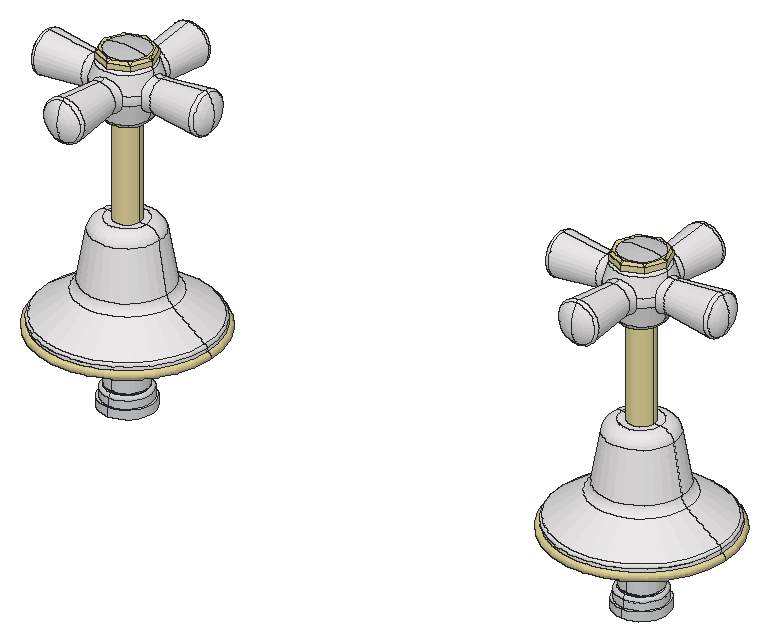
Revit family "Reece_Tap_Posh_Bristol_Wall Top Assembly", category Plumbing Fixtures, host Face, Revit 2018
Family settings
  Host = Face
  Round Connector Dimension = Use Diameter
  Part Type = Normal
  Cut with Voids When Loaded = No
  Shared = Yes
  Room Calculation Point = Yes
Parameters (values of type "White_Gold")
  WFU = 0  # constant formula
  URL = "https://www.reece.com.au/product/-2205252"
  Type Comments = "Tap"
  Reece_Tap_Inlet = 12 mm  # constant formula
  Reece_Tap_Axis Distance [instance] = 200 mm
  Reece_Product_Web Page = "https://www.reece.com.au/product/-2205252"
  Reece_Product_Type = "Tap"  # constant formula
  Reece_Product_Sub Brand = "Bristol"  # constant formula
  Reece_Product_Number = "2205252"
  Reece_Product_Mount = "Wall Mounted"
  Reece_Product_Description = "Posh Bristol Wall Top Assembly Taps White / Gold"
  Reece_Product_Brand = "Posh"  # constant formula
  Reece_Material_Secondary = Reece_Metal_Gold_Polished
  Reece_Material_Main = Reece_Ceramic_White
  Reece_Material_Colour = Reece_Plastic_White
  Reece_Handle_Type = Reece_Tap_Posh_Bristol_Wall_Cross Handle_Nested : Reece_Tap_Posh_Bristol_Wall_Cross Handle_Nested
  Reece_Detail_Shape = ""
  Reece_Detail_Installation = ""
  Reece_Detail_Disclaimer = "THIS FILE IS THE PROPERTY OF THE REECE GROUP. IT MAY NOT BE REPRODUCED, REVERSE-ENGINEERED OR MODIFIED. ANY REPUBLICATION, TRANSMISSION OR DISTRIBUTION FOR THE PURPOSE OF COMMERCIALLY EXPLOITING THE FILES IS PROHIBITED."  # constant formula
  Reece_Detail_Connector = ""
  Reece_Detail_Additional = "Wall Top Assembly"  # constant formula
  Reece_Backplate_Diameter = 65 mm  # constant formula
  Model = "Bristol"
  Manufacturer = "Posh"
  Keynote = "Product #2205252, Reece_Tap_Posh_Bristol_Wall Top Assembly - White_Gold"
  HWFU = 0  # constant formula
  Disclaimer = "THIS FILE IS THE PROPERTY OF THE REECE GROUP. IT MAY NOT BE REPRODUCED, REVERSE-ENGINEERED OR MODIFIED. ANY REPUBLICATION, TRANSMISSION OR DISTRIBUTION FOR THE PURPOSE OF COMMERCIALLY EXPLOITING THE FILES IS PROHIBITED."  # constant formula
  Description = "Posh Bristol Wall Top Assembly Taps White / Gold"
  Default Elevation = 1000 mm
  CWFU = 0  # constant formula
Types (7, lengths in mm): name | URL | Reece_Product_Web Page | Reece_Product_Number | Reece_Product_Description | Reece_Material_Secondary | Reece_Material_Main | Reece_Handle_Type | Keynote | Description
  Ivory_Gold | "https://www.reece.com.au/product/-2205254" | "https://www.reece.com.au/product/-2205254" | "2205254" | "Posh Bristol Wall Top Assembly Taps Ivory/ Gold" | Reece_Metal_Gold_Polished | Reece_Metal_Steel Enamelled_Ivory | Reece_Tap_Posh_Bristol_Wall_Cross Handle_Nested : Reece_Tap_Posh_Bristol_Wall_Cross Handle_Nested | "Product #2205254, Reece_Tap_Posh_Bristol_Wall Top Assembly - Ivory_Gold" | "Posh Bristol Wall Top Assembly Taps Ivory / Gold"
  Ivory_Chrome | "https://www.reece.com.au/product/-2205253" | "https://www.reece.com.au/product/-2205253" | "2205253" | "Posh Bristol Wall Top Assembly Taps Ivory/Chrome" | Reece_Brass_Chrome | Reece_Metal_Steel Enamelled_Ivory | Reece_Tap_Posh_Bristol_Wall_Cross Handle_Nested : Reece_Tap_Posh_Bristol_Wall_Cross Handle_Nested | "Product #2205253, Reece_Tap_Posh_Bristol_Wall Top Assembly - Ivory_Chrome" | "Posh Bristol Wall Top Assembly Taps Ivory / Chrome"
  Chrome_Gold | "https://www.reece.com.au/product/-2205255" | "https://www.reece.com.au/product/-2205255" | "2205255" | "Posh Bristol Wall Top Assembly Taps Chrome / Gold" | Reece_Metal_Gold_Polished | Reece_Brass_Chrome | Reece_Tap_Posh_Bristol_Wall_Cross Handle_Nested : Reece_Tap_Posh_Bristol_Wall_Cross Handle_Nested | "Product #2205255, Reece_Tap_Posh_Bristol_Wall Top Assembly - Chrome_Gold" | "Posh Bristol Wall Top Assembly Taps Chrome / Gold"
  Chrome | "https://www.reece.com.au/product/-2205250" | "https://www.reece.com.au/product/-2205250" | "2205250" | "Posh Bristol Wall Top Assembly Taps Chrome" | Reece_Brass_Chrome | Reece_Brass_Chrome | Reece_Tap_Posh_Bristol_Wall_Cross Handle_Nested : Reece_Tap_Posh_Bristol_Wall_Cross Handle_Nested | "Product #2205250, Reece_Tap_Posh_Bristol_Wall Top Assembly - Chrome" | "Posh Bristol Wall Top Assembly Taps Chrome"
  White_Gold | "https://www.reece.com.au/product/-2205252" | "https://www.reece.com.au/product/-2205252" | "2205252" | "Posh Bristol Wall Top Assembly Taps White / Gold" | Reece_Metal_Gold_Polished | Reece_Ceramic_White | Reece_Tap_Posh_Bristol_Wall_Cross Handle_Nested : Reece_Tap_Posh_Bristol_Wall_Cross Handle_Nested | "Product #2205252, Reece_Tap_Posh_Bristol_Wall Top Assembly - White_Gold" | "Posh Bristol Wall Top Assembly Taps White / Gold"
  White_Chrome | "https://www.reece.com.au/product/-2205251" | "https://www.reece.com.au/product/-2205251" | "2205251" | "Posh Bristol Wall Top Assembly Taps White / Chrome" | Reece_Brass_Chrome | Reece_Ceramic_White | Reece_Tap_Posh_Bristol_Wall_Cross Handle_Nested : Reece_Tap_Posh_Bristol_Wall_Cross Handle_Nested | "Product #2205251, Reece_Tap_Posh_Bristol_Wall Top Assembly - White_Chrome" | "Posh Bristol Wall Top Assembly Taps White / Chrome"
  Lever Handle_Chrome | "https://www.reece.com.au/product/-2205404" | "https://www.reece.com.au/product/-2205404" | "2205404" | "Posh Bristol Lever Wall Top Assembly Ceramic Disc Chrome" | Reece_Brass_Chrome | Reece_Brass_Chrome | Reece_Tap_Posh_Bristol_Wall_Lever Handle_Nested : Reece_Tap_Posh_Bristol_Wall_Lever Handle_Nested | "Product #2205404, Reece_Tap_Posh_Bristol_Wall Top Assembly - Lever Handle_Chrome" | "Posh Bristol Lever Wall Top Assembly Ceramic Disc Chrome"
Reference planes
  plane 1 "Center (Front/Back)": y = 0
  plane 2 "Bottom": z = 0
  plane 3 "Center (Left/Right)": x = 0
  plane 4 "Left Mixer": x = -100
  plane 5 "Right Mixer": x = 100
  plane 6: y = 32.5
  plane 7: y = -32.5
  plane 8: z = 39
  plane 9: x = -132.5
  plane 10: x = -67.5
  plane 11: x = 132.5
  plane 12: x = 67.5
Forms (mm)
  Revolve 1, solid
    sketch origin (-100, -128.901, 1219.2) x (0, -1, 0) y (0, 0, 1)
      loop
        line (-130.291, -1249.229) -> (-128.901, -1249.229) -> (-128.901, -1219.2) -> (-140.374, -1219.2) -> (-140.374, -1222.813) -> (-139.398, -1223.187) -> (-139.398, -1223.987) -> (-140.37, -1224.549) -> (-139.398, -1225.023) -> (-139.398, -1225.823) -> (-140.359, -1226.378) -> (-139.398, -1226.846) -> (-139.398, -1227.646) -> (-140.366, -1228.205) -> (-139.398, -1228.616) -> (-139.398, -1229.416) -> (-140.275, -1229.923) -> (-139.166, -1231.032) -> (-136.181, -1231.032) -> (-136.181, -1237.729) -> (-135.615, -1238.294) -> (-136.415, -1238.294)
        arc (-136.415, -1238.294) -> (-137.255, -1238.642) -> (-137.603, -1239.482) r 1.188
        line (-137.603, -1239.482) -> (-137.603, -1242.245) -> (-138.403, -1242.245) -> (-138.403, -1245.49) -> (-132.464, -1245.49) -> (-130.291, -1249.229)
      axis (-128.901, -1219.2) -> (-128.901, -1249.229)
    angle from 0 to 360
  Revolve 2, void
    sketch origin (0, 0, 0) x (1, 0, 0) y (0, 0, 1)
      loop
        line (-100, -37.024) -> (-100, 0) -> (-115.541, 0) -> (-115.541, -37.024) -> (-100, -37.024)
      axis (-100, 0) -> (-100, -37.024)
    angle from 0 to 360
  Revolve 3, void
    sketch origin (0, 0, 0) x (-1, 0, 0) y (0, 0, 1)
      loop
        line (-100, -37.024) -> (-100, 0) -> (-115.541, 0) -> (-115.541, -37.024) -> (-100, -37.024)
      axis (-100, 0) -> (-100, -37.024)
    angle from 0 to 360
  Revolve 4, solid
    sketch origin (100, -134.759, 1219.2) x (0, -1, 0) y (0, 0, 1)
      loop
        line (-136.149, -1249.229) -> (-134.759, -1249.229) -> (-134.759, -1219.2) -> (-146.232, -1219.2) -> (-146.232, -1222.813) -> (-145.256, -1223.187) -> (-145.256, -1223.987) -> (-146.228, -1224.549) -> (-145.256, -1225.023) -> (-145.256, -1225.823) -> (-146.216, -1226.378) -> (-145.256, -1226.846) -> (-145.256, -1227.646) -> (-146.223, -1228.205) -> (-145.256, -1228.616) -> (-145.256, -1229.416) -> (-146.133, -1229.923) -> (-145.024, -1231.032) -> (-142.038, -1231.032) -> (-142.038, -1237.729) -> (-141.473, -1238.294) -> (-142.273, -1238.294)
        arc (-142.273, -1238.294) -> (-143.113, -1238.642) -> (-143.461, -1239.482) r 1.188
        line (-143.461, -1239.482) -> (-143.461, -1242.245) -> (-144.261, -1242.245) -> (-144.261, -1245.49) -> (-138.322, -1245.49) -> (-136.149, -1249.229)
      axis (-134.759, -1219.2) -> (-134.759, -1249.229)
    angle from 0 to 360
Text (mm)
  text "Reece Copyright © 2022, Reece Ltd." at (174.886, -193.79, 0), in view "Ref. Level"
  text "Reece ©" at (117.56, 185.774, 45.992), in view "Reece Preview"
Dimensions and locks
  equal spacing: plane 4 "Left Mixer", plane 3 "Center (Left/Right)", plane 5 "Right Mixer"  (x2)
  plane 4 "Left Mixer" to plane 5 "Right Mixer" = 200 mm
  plane 5 "Right Mixer" to plane 4 "Left Mixer" = 200 mm
  equal spacing: plane 5 "Right Mixer", plane 3 "Center (Left/Right)", plane 4 "Left Mixer"
  "Reece_Tap_Axis Distance": plane 4 "Left Mixer" to plane 5 "Right Mixer"
  plane 8 to plane 2 "Bottom" = 39 mm
  plane 9 to plane 10 = 65 mm
  plane 12 to plane 11 = 65 mm
  equal spacing: plane 9, plane 4 "Left Mixer", plane 10
  equal spacing: plane 12, plane 5 "Right Mixer", plane 11
  "Reece_Backplate_Diameter": plane 9 to plane 10
  "Reece_Backplate_Diameter": plane 12 to plane 11
  aligned and locked: plane 2 "Bottom" to host face
  aligned and locked: level to host face
  aligned and locked: Revolve 1 sketch curve to plane 1 "Center (Front/Back)"
Automatic sketch dimensions
  host sketch curve to host sketch curve = 380.785 mm
  host sketch curve to host sketch curve = 317.421 mm
  Revolve 1 sketch curve to level = 0 mm
  Revolve 1 sketch curve to plane 1 "Center (Front/Back)" = 0 mm
  Revolve 1 sketch curve to Revolve 1 sketch curve = 1.39 mm
  Revolve 1 sketch curve to plane 1 "Center (Front/Back)" = 3.563 mm
  Revolve 1 sketch curve to plane 1 "Center (Front/Back)" = 6.714 mm
  Revolve 1 sketch curve to plane 1 "Center (Front/Back)" = 7.28 mm
  Revolve 1 sketch curve to Revolve 1 sketch curve = 0.8 mm  (x6)
  Revolve 1 sketch curve to Revolve 1 sketch curve = 1.188 mm
  Revolve 1 sketch curve to Revolve 1 sketch curve = 2.986 mm
  Revolve 1 sketch curve to Revolve 1 sketch curve = 0.231 mm  (x2)
  Revolve 1 sketch curve to Revolve 1 sketch curve = 0 mm  (x2)
  Revolve 1 sketch curve to level = 3.987 mm
  Revolve 1 sketch curve to Revolve 1 sketch curve = 0.878 mm
  Revolve 1 sketch curve to Revolve 1 sketch curve = 0.961 mm
  Revolve 1 sketch curve to Revolve 1 sketch curve = 0.968 mm
  Revolve 1 sketch curve to level = 5.349 mm
  Revolve 1 sketch curve to Revolve 1 sketch curve = 0.972 mm
  Revolve 1 sketch curve to level = 3.612 mm
  Revolve 1 sketch curve to Revolve 1 sketch curve = 0.977 mm
  Revolve 1 sketch curve to Revolve 1 sketch curve = 0.474 mm
  Revolve 1 sketch curve to Revolve 1 sketch curve = 0.555 mm
  Revolve 1 sketch curve to Revolve 1 sketch curve = 1.023 mm
  Revolve 1 sketch curve to Revolve 1 sketch curve = 0.559 mm
  Revolve 1 sketch curve to Revolve 1 sketch curve = 0.97 mm
  Revolve 1 sketch curve to Revolve 1 sketch curve = 0.507 mm
  Revolve 1 sketch curve to Revolve 1 sketch curve = 1.615 mm
  Revolve 1 sketch curve to Revolve 1 sketch curve = 6.697 mm
  Revolve 1 sketch curve to Revolve 1 sketch curve = 0.566 mm
  Revolve 1 sketch curve to Revolve 1 sketch curve = 2.762 mm
  Revolve 1 sketch curve to Revolve 1 sketch curve = 3.246 mm
  Revolve 1 sketch curve to Revolve 1 sketch curve = 3.739 mm
  Revolve 1 sketch curve to Revolve 1 sketch curve = 7.488 mm
  Revolve 1 sketch curve to Revolve 1 sketch curve = 8.93 mm
  Revolve 2 sketch curve to level = 0 mm
  plane 4 "Left Mixer" to Revolve 2 sketch curve = 0 mm  (x2)
  Revolve 2 sketch curve to Revolve 2 sketch curve = 15.541 mm
  Revolve 2 sketch curve to level = 37.024 mm
  Revolve 2 sketch curve to Revolve 2 sketch curve = 29.166 mm
  Revolve 2 sketch curve to Revolve 2 sketch curve = 18.517 mm
  Revolve 3 sketch curve to level = 0 mm
  Revolve 3 sketch curve to plane 5 "Right Mixer" = 0 mm  (x2)
  Revolve 3 sketch curve to Revolve 3 sketch curve = 15.541 mm
  level to Revolve 3 sketch curve = 37.024 mm
  Revolve 3 sketch curve to Revolve 3 sketch curve = 29.166 mm
  Revolve 3 sketch curve to Revolve 3 sketch curve = 18.517 mm
  level to Revolve 4 sketch curve = 0 mm
  Revolve 4 sketch curve to plane 1 "Center (Front/Back)" = 0 mm  (x2)
  Revolve 4 sketch curve to Revolve 4 sketch curve = 1.39 mm
  plane 1 "Center (Front/Back)" to Revolve 4 sketch curve = 3.563 mm
  plane 1 "Center (Front/Back)" to Revolve 4 sketch curve = 6.714 mm
  plane 1 "Center (Front/Back)" to Revolve 4 sketch curve = 7.28 mm
  Revolve 4 sketch curve to Revolve 4 sketch curve = 0.8 mm  (x6)
  Revolve 4 sketch curve to Revolve 4 sketch curve = 1.188 mm
  Revolve 4 sketch curve to Revolve 4 sketch curve = 2.986 mm
  Revolve 4 sketch curve to Revolve 4 sketch curve = 0.231 mm  (x2)
  Revolve 4 sketch curve to Revolve 4 sketch curve = 0 mm  (x2)
  level to Revolve 4 sketch curve = 3.987 mm
  Revolve 4 sketch curve to Revolve 4 sketch curve = 0.878 mm
  Revolve 4 sketch curve to Revolve 4 sketch curve = 0.961 mm
  Revolve 4 sketch curve to Revolve 4 sketch curve = 0.968 mm
  level to Revolve 4 sketch curve = 5.349 mm
  Revolve 4 sketch curve to Revolve 4 sketch curve = 0.972 mm
  level to Revolve 4 sketch curve = 3.612 mm
  Revolve 4 sketch curve to Revolve 4 sketch curve = 0.977 mm
  Revolve 4 sketch curve to Revolve 4 sketch curve = 0.474 mm
  Revolve 4 sketch curve to Revolve 4 sketch curve = 0.555 mm
  Revolve 4 sketch curve to Revolve 4 sketch curve = 1.023 mm
  Revolve 4 sketch curve to Revolve 4 sketch curve = 0.559 mm
  Revolve 4 sketch curve to Revolve 4 sketch curve = 0.97 mm
  Revolve 4 sketch curve to Revolve 4 sketch curve = 0.507 mm
  Revolve 4 sketch curve to Revolve 4 sketch curve = 1.615 mm
  Revolve 4 sketch curve to Revolve 4 sketch curve = 6.697 mm
  Revolve 4 sketch curve to Revolve 4 sketch curve = 0.566 mm
  Revolve 4 sketch curve to Revolve 4 sketch curve = 2.762 mm
  Revolve 4 sketch curve to Revolve 4 sketch curve = 3.246 mm
  Revolve 4 sketch curve to Revolve 4 sketch curve = 3.739 mm
  Revolve 4 sketch curve to Revolve 4 sketch curve = 7.488 mm
  Revolve 4 sketch curve to Revolve 4 sketch curve = 8.93 mm
Nested families
  nested 1: "Reece_Tap_Posh_Bristol_Wall_Cross Handle_Nested" at (100, 0, 0), type <- "Reece_Handle_Type", Reece_Material_Main <- "Reece_Material_Main", Reece_Material_Colour <- "Reece_Material_Colour", Reece_Material_Secondary <- "Reece_Material_Secondary", type "Reece_Tap_Posh_Bristol_Wall_Cross Handle_Nested"
    with Reece_Material_Secondary Reece_Metal_Gold_Polished, Reece_Material_Colour Reece_Plastic_White, Reece_Material_Main Reece_Ceramic_White
  nested 2: "Reece_Tap_Posh_Bristol_Wall_Cross Handle_Nested" at (-100, 0, 0) x (-1, 0, 0) z (0, 0, 1), type <- "Reece_Handle_Type", Reece_Material_Main <- "Reece_Material_Main", Reece_Material_Colour <- "Reece_Material_Colour", Reece_Material_Secondary <- "Reece_Material_Secondary", type "Reece_Tap_Posh_Bristol_Wall_Cross Handle_Nested"
    with Reece_Material_Secondary Reece_Metal_Gold_Polished, Reece_Material_Colour Reece_Plastic_White, Reece_Material_Main Reece_Ceramic_White
Connectors
  piping at (-100, 0, -11.832), diameter 12, driven by "Reece_Tap_Inlet"
    settings: on Revolve 1, index 3, connector inside diameter 609.6 mm, connector length 0 mm, flow factor 0, pipe flow 0.0 L/s, pressure drop 0.0 Pa, fitting loss kfactor 0, connector angle 0.00°, fixture units 0, engagement length 0 mm, angle of deflection 0.00°, flow configuration 0, flow direction 1, fitting loss method 0, system type 29, joint type 0, gender type 0, connector reference index -1, connector utility 0, adjustable connector no, is connector primary yes, connector description ""
  piping at (100, 0, -11.832), diameter 12, driven by "Reece_Tap_Inlet"
    settings: on Revolve 4, index 4, connector inside diameter 609.6 mm, connector length 0 mm, flow factor 0, pipe flow 0.0 L/s, pressure drop 0.0 Pa, fitting loss kfactor 0, connector angle 0.00°, fixture units 0, engagement length 0 mm, angle of deflection 0.00°, flow configuration 0, flow direction 1, fitting loss method 0, system type 29, joint type 0, gender type 0, connector reference index -1, connector utility 0, adjustable connector no, is connector primary no, connector description ""
Definition of nested family "Reece_Tap_Posh_Bristol_Wall_Cross Handle_Nested"
  Parameters (values of type "Reece_Tap_Posh_Bristol_Bath_Cross Handle_Nested")
    WFU = 0  # constant formula
    Reece_Material_Secondary [instance] = none
    Reece_Material_Colour [instance] = none
    Reece_Material_Main [instance] = none
    HWFU = 0  # constant formula
    Default Elevation = 1000 mm
    CWFU = 0  # constant formula
  Reference planes
    plane 1 "Center (Front/Back)": y = 0
    plane 2 "Bottom": z = 0
    plane 3 "Center (Left/Right)": x = 0
    plane 4: z = 39
    plane 5: x = 32.5
    plane 6: x = -32.5
    plane 7: z = 86
    plane 8 "Bottom of Cap": z = 95
  Forms (mm)
    Extrusion 1, solid
      sketch origin (619.2, -619.2, 0) x (1, 0, 0) y (0, 1, 0)
        loop
          line (-809.2, 779.2) -> (-809.2, 461.779) -> (-428.415, 461.779) -> (-428.415, 779.2) -> (-809.2, 779.2)
      from 0 to -9.564
    Revolve 2, solid, material <- "Reece_Material_Main"
      sketch origin (0, 0, 0) x (1, 0, 0) y (0, 0, 1)
        loop
          line (0, 0) -> (0, 39) -> (-7.517, 39)
          arc (-7.517, 39) -> (-10.723, 37.837) -> (-12.438, 34.888) r 5
          line (-12.438, 34.888) -> (-15.551, 17.478)
          arc (-15.551, 17.478) -> (-16.303, 15.559) -> (-17.734, 14.075) r 5.275
          line (-17.734, 14.075) -> (-30.336, 5.319)
          arc (-30.336, 5.319) -> (-30.809, 4.782) -> (-30.98, 4.087) r 1.5
          line (-30.98, 4.087) -> (-30.98, 0) -> (0, 0)
        axis (0, 39) -> (0, 0)
      angle from 0 to 360
    Revolve 3, solid, material <- "Reece_Material_Secondary"
      sketch origin (0, 0, 0) x (1, 0, 0) y (0, 0, 1)
        loop
          line (0, 74) -> (-4.8, 74) -> (-4.8, 39) -> (0, 39) -> (0, 74)
        axis (0, 39) -> (0, 74)
      angle from 0 to 360
    Revolve 4, solid, material <- "Reece_Material_Secondary"
      sketch origin (0, 0, 0) x (1, 0, 0) y (0, 0, 1)
        loop
          line (-30.98, 0) -> (-30.98, 3)
          arc (-30.98, 3) -> (-32.48, 1.5) -> (-30.98, 0) r 1.5
        axis (0, 0) -> (0, 3)
      angle from 0 to 360
    Blend 5, solid, material <- "Reece_Material_Secondary"
      base sketch origin (0, 0, 95) x (-1, 0, 0) y (0, -1, 0)
        loop
          line (0, -10) -> (7.071, -7.071) -> (10, 0) -> (7.071, 7.071) -> (0, 10) -> (-7.071, 7.071) -> (-10, 0) -> (-7.071, -7.071) -> (0, -10)
      top sketch origin (0, 0, 95) x (-1, 0, 0) y (0, -1, 0)
        loop
          line (0.7, -8.861) -> (5.77, -6.761)
          arc (5.77, -6.761) -> (6.364, -6.364) -> (6.761, -5.77) r 1.83
          line (6.761, -5.77) -> (8.861, -0.7)
          arc (8.861, -0.7) -> (9, 0) -> (8.861, 0.7) r 1.83
          line (8.861, 0.7) -> (6.761, 5.77)
          arc (6.761, 5.77) -> (6.364, 6.364) -> (5.77, 6.761) r 1.83
          line (5.77, 6.761) -> (0.7, 8.861)
          arc (0.7, 8.861) -> (0, 9) -> (-0.7, 8.861) r 1.83
          line (-0.7, 8.861) -> (-5.77, 6.761)
          arc (-5.77, 6.761) -> (-6.364, 6.364) -> (-6.761, 5.77) r 1.83
          line (-6.761, 5.77) -> (-8.861, 0.7)
          arc (-8.861, 0.7) -> (-9, 0) -> (-8.861, -0.7) r 1.83
          line (-8.861, -0.7) -> (-6.733, -5.837)
          arc (-6.733, -5.837) -> (-6.48, -6.269) -> (-6.12, -6.616) r 1.83
          line (-6.12, -6.616) -> (-0.7, -8.861)
          arc (-0.7, -8.861) -> (0, -9) -> (0.7, -8.861) r 1.83
      from 2 to 3
    Revolve 6, solid, material <- "Reece_Material_Colour"
      sketch origin (0, 0, 0) x (1, 0, 0) y (0, 0, 1)
        loop
          line (0, 98) -> (0, 99)
          arc (0, 99) -> (-3.932, 98.749) -> (-7.8, 98) r 30.92
          line (-7.8, 98) -> (0, 98)
        axis (0, 98) -> (0, 99)
      angle from 0 to 360
    Revolve 7, solid, material <- "Reece_Material_Main"
      sketch origin (0, 0, 0) x (1, 0, 0) y (0, 0, 1)
        loop
          line (0, 74) -> (0, 95) -> (-8.068, 95)
          arc (-8.068, 95) -> (-9.186, 94.658) -> (-9.922, 93.749) r 2
          arc (-9.922, 93.749) -> (-11.025, 90.611) -> (-11.834, 87.385) r 36.21
          arc (-11.834, 87.385) -> (-11.969, 85.734) -> (-11.712, 84.098) r 7
          arc (-11.712, 84.098) -> (-10.309, 79.831) -> (-8.542, 75.702) r 51.876
          arc (-8.542, 75.702) -> (-7.436, 74.461) -> (-5.838, 74) r 3
          line (-5.838, 74) -> (0, 74)
        axis (0, 74) -> (0, 95)
      angle from 0 to 360
    Revolve 8, solid, material <- "Reece_Material_Main"
      sketch origin (0, 0, 0) x (1, 0, 0) y (0, 0, 1)
        loop
          line (-34.054, 86) -> (-9.471, 86) -> (-9.471, 92.372)
          arc (-9.471, 92.372) -> (-11.349, 91.888) -> (-13.288, 91.86) r 8.166
          line (-13.288, 91.86) -> (-30.143, 93.632)
          arc (-30.143, 93.632) -> (-30.858, 93.532) -> (-31.444, 93.111) r 1.5
          arc (-31.444, 93.111) -> (-33.381, 89.787) -> (-34.054, 86) r 10.99
        loop
          arc (34.054, 86) -> (33.381, 89.787) -> (31.444, 93.111) r 10.99
          arc (31.444, 93.111) -> (30.858, 93.532) -> (30.143, 93.632) r 1.5
          line (30.143, 93.632) -> (13.288, 91.86)
          arc (13.288, 91.86) -> (11.349, 91.888) -> (9.471, 92.372) r 8.166
          line (9.471, 92.372) -> (9.471, 86) -> (34.054, 86)
        axis (34.054, 86) -> (-34.054, 86)
      angle from 0 to 360
    Extrusion 9, solid, material <- "Reece_Material_Secondary"
      sketch origin (0, 0, 95) x (-1, 0, 0) y (0, -1, 0)
        loop
          line (0, -10) -> (7.071, -7.071) -> (10, 0) -> (7.071, 7.071) -> (0, 10) -> (-7.071, 7.071) -> (-10, 0) -> (-7.071, -7.071) -> (0, -10)
      from 0 to 2
    Revolve 10, solid, material <- "Reece_Material_Main"
      sketch origin (0, 0, 0) x (0, 1, 0) y (0, 0, 1)
        loop
          line (-34.054, 86) -> (-9.471, 86) -> (-9.471, 92.372)
          arc (-9.471, 92.372) -> (-11.349, 91.888) -> (-13.288, 91.86) r 8.166
          line (-13.288, 91.86) -> (-30.143, 93.632)
          arc (-30.143, 93.632) -> (-30.858, 93.532) -> (-31.444, 93.111) r 1.5
          arc (-31.444, 93.111) -> (-33.381, 89.787) -> (-34.054, 86) r 10.99
        loop
          arc (34.054, 86) -> (33.381, 89.787) -> (31.444, 93.111) r 10.99
          arc (31.444, 93.111) -> (30.858, 93.532) -> (30.143, 93.632) r 1.5
          line (30.143, 93.632) -> (13.288, 91.86)
          arc (13.288, 91.86) -> (11.349, 91.888) -> (9.471, 92.372) r 8.166
          line (9.471, 92.372) -> (9.471, 86) -> (34.054, 86)
        axis (34.054, 86) -> (-34.054, 86)
      angle from 0 to 360
  Text (mm)
    text "Reece Copyright © 2018, Reece Ltd." at (-1403.988, -1192.393, 0), in view "Ref. Level"
    text "Reece ©" at (110.347, 192.987, 60.419), in view "Reece Preview"
  Dimensions and locks
    aligned and locked: plane 2 "Bottom" to Extrusion 1
    aligned and locked: level to Extrusion 1
    aligned and locked: Revolve 2 sketch curve to plane 3 "Center (Left/Right)"
    aligned and locked: Revolve 3 sketch curve to Revolve 3 sketch curve  (x2)
    aligned and locked: Revolve 3 sketch curve to plane 4
    aligned and locked: plane 3 "Center (Left/Right)" to Revolve 4 sketch curve
    aligned and locked: Revolve 6 sketch curve to Revolve 6 sketch curve  (x2)
  Automatic sketch dimensions
    Extrusion 1 sketch curve to Extrusion 1 sketch curve = 380.785 mm
    Extrusion 1 sketch curve to Extrusion 1 sketch curve = 317.421 mm
    Revolve 3 sketch curve to plane 3 "Center (Left/Right)" = 0 mm
    Revolve 3 sketch curve to Revolve 3 sketch curve = 4.8 mm
    Revolve 2 sketch curve to level = 0 mm
    Revolve 2 sketch curve to plane 4 = 0 mm
    Revolve 2 sketch curve to plane 3 "Center (Left/Right)" = 0 mm
    Revolve 2 sketch curve to plane 3 "Center (Left/Right)" = 7.517 mm
    plane 4 to Revolve 2 sketch curve = 4.112 mm
    Revolve 2 sketch curve to Revolve 2 sketch curve = 4.92 mm
    Revolve 2 sketch curve to plane 3 "Center (Left/Right)" = 15.551 mm
    Revolve 2 sketch curve to Revolve 2 sketch curve = 2.182 mm
    Revolve 2 sketch curve to Revolve 2 sketch curve = 5.192 mm
    Revolve 2 sketch curve to plane 6 = 3.02 mm
    Revolve 2 sketch curve to Revolve 2 sketch curve = 0.856 mm
    Revolve 2 sketch curve to Revolve 2 sketch curve = 0.644 mm
    level to Revolve 2 sketch curve = 4.087 mm
    Revolve 2 sketch curve to Revolve 2 sketch curve = 51.139 mm
    Revolve 3 sketch curve to plane 7 = 12 mm
    Revolve 3 sketch curve to Revolve 3 sketch curve = 7.122 mm
    Revolve 7 sketch curve to plane 3 "Center (Left/Right)" = 0 mm  (x2)
    Revolve 7 sketch curve to plane 3 "Center (Left/Right)" = 5.838 mm
    Revolve 7 sketch curve to plane 7 = 0.005 mm
    Revolve 7 sketch curve to plane 3 "Center (Left/Right)" = 4.974 mm
    Revolve 7 sketch curve to Revolve 7 sketch curve = 3.094 mm
    Revolve 7 sketch curve to plane 5 = 8.846 mm
    plane 5 to Revolve 7 sketch curve = 5.725 mm
    Revolve 7 sketch curve to plane 7 = 5.807 mm
    Revolve 7 sketch curve to Revolve 7 sketch curve = 8.995 mm
    Revolve 7 sketch curve to Revolve 7 sketch curve = 3 mm
    Revolve 7 sketch curve to Revolve 7 sketch curve = 2 mm
    Revolve 7 sketch curve to Revolve 7 sketch curve = 0 mm  (x3)
    plane 7 to Revolve 2 sketch curve = 47.861 mm
    plane 7 to Revolve 7 sketch curve = 12.151 mm
    Revolve 7 sketch curve to Revolve 7 sketch curve = 4.738 mm
    Revolve 7 sketch curve to Revolve 7 sketch curve = 12.896 mm
    Revolve 7 sketch curve to plane 8 "Bottom of Cap" = 0 mm
    plane 1 "Center (Front/Back)" to Extrusion 9 sketch curve = 0 mm  (x2)
    Extrusion 9 sketch curve to plane 3 "Center (Left/Right)" = 0 mm  (x2)
    plane 3 "Center (Left/Right)" to Extrusion 9 sketch curve = 7.071 mm  (x2)
    Extrusion 9 sketch curve to Extrusion 9 sketch curve = 2.929 mm  (x4)
    Extrusion 9 sketch curve to plane 3 "Center (Left/Right)" = 7.071 mm  (x2)
    Extrusion 9 sketch curve to plane 1 "Center (Front/Back)" = 7.071 mm  (x2)
    plane 1 "Center (Front/Back)" to Extrusion 9 sketch curve = 7.071 mm  (x2)
    plane 1 "Center (Front/Back)" to Blend 5 sketch curve = 0 mm  (x4)
    Blend 5 sketch curve to plane 3 "Center (Left/Right)" = 0 mm  (x4)
    plane 3 "Center (Left/Right)" to Blend 5 sketch curve = 7.071 mm  (x2)
    Blend 5 sketch curve to Blend 5 sketch curve = 2.929 mm  (x4)
    Blend 5 sketch curve to plane 3 "Center (Left/Right)" = 7.071 mm  (x2)
    Blend 5 sketch curve to plane 1 "Center (Front/Back)" = 7.071 mm  (x2)
    plane 1 "Center (Front/Back)" to Blend 5 sketch curve = 7.071 mm  (x2)
    plane 3 "Center (Left/Right)" to Blend 5 sketch curve = 0.7 mm  (x2)
    plane 3 "Center (Left/Right)" to Blend 5 sketch curve = 5.042 mm
    plane 3 "Center (Left/Right)" to Blend 5 sketch curve = 5.07 mm
    Blend 5 sketch curve to Blend 5 sketch curve = 0.7 mm  (x7)
    Blend 5 sketch curve to Blend 5 sketch curve = 1.078 mm
    Blend 5 sketch curve to Blend 5 sketch curve = 0.613 mm
    Blend 5 sketch curve to Blend 5 sketch curve = 0.99 mm  (x3)
    Blend 5 sketch curve to Blend 5 sketch curve = 2.1 mm  (x3)
    Blend 5 sketch curve to plane 1 "Center (Front/Back)" = 0.7 mm  (x2)
    Blend 5 sketch curve to Blend 5 sketch curve = 1.691 mm  (x4)
    plane 1 "Center (Front/Back)" to Blend 5 sketch curve = 0.7 mm  (x2)
    Blend 5 sketch curve to plane 3 "Center (Left/Right)" = 0.7 mm  (x2)
    Blend 5 sketch curve to plane 3 "Center (Left/Right)" = 5.07 mm  (x2)
    Blend 5 sketch curve to plane 1 "Center (Front/Back)" = 5.07 mm
    Blend 5 sketch curve to plane 1 "Center (Front/Back)" = 5.137 mm
    Blend 5 sketch curve to Blend 5 sketch curve = 2.033 mm
    plane 1 "Center (Front/Back)" to Blend 5 sketch curve = 5.07 mm  (x2)
    Revolve 4 sketch curve to level = 0 mm
    Revolve 4 sketch curve to plane 6 = 1.52 mm
    level to Revolve 4 sketch curve = 1.5 mm
    Revolve 4 sketch curve to level = 6.27 mm
    Revolve 4 sketch curve to plane 4 = 3.237 mm
    Revolve 6 sketch curve to plane 3 "Center (Left/Right)" = 0 mm
    plane 8 "Bottom of Cap" to Revolve 6 sketch curve = 3 mm
    Revolve 6 sketch curve to Revolve 6 sketch curve = 1 mm
    Revolve 6 sketch curve to Revolve 6 sketch curve = 7.8 mm
    Revolve 6 sketch curve to Revolve 6 sketch curve = 10.165 mm
    Revolve 8 sketch curve to plane 7 = 0 mm  (x3)
    plane 6 to Revolve 8 sketch curve = 1.554 mm
    Revolve 8 sketch curve to plane 6 = 2.2 mm
    Revolve 8 sketch curve to plane 8 "Bottom of Cap" = 1.368 mm  (x2)
    Revolve 8 sketch curve to Revolve 8 sketch curve = 0.157 mm  (x2)
    Revolve 8 sketch curve to plane 6 = 9.437 mm
    Revolve 8 sketch curve to plane 8 "Bottom of Cap" = 3.14 mm  (x2)
    Revolve 8 sketch curve to Revolve 8 sketch curve = 9.775 mm
    Revolve 8 sketch curve to Revolve 8 sketch curve = 0.854 mm
    Revolve 8 sketch curve to plane 8 "Bottom of Cap" = 2.628 mm
    Revolve 8 sketch curve to Revolve 8 sketch curve = 3.817 mm  (x2)
    plane 3 "Center (Left/Right)" to Revolve 8 sketch curve = 9.471 mm
    Revolve 8 sketch curve to Revolve 8 sketch curve = 2.964 mm
    Revolve 8 sketch curve to plane 5 = 9.437 mm
    Revolve 8 sketch curve to plane 5 = 2.357 mm
    plane 5 to Revolve 8 sketch curve = 1.554 mm
    Revolve 8 sketch curve to plane 8 "Bottom of Cap" = 2.86 mm
    Revolve 8 sketch curve to Revolve 8 sketch curve = 1.492 mm
    Revolve 8 sketch curve to Revolve 8 sketch curve = 0.512 mm
    Revolve 8 sketch curve to Revolve 8 sketch curve = 1.948 mm
    Revolve 8 sketch curve to Revolve 8 sketch curve = 3.038 mm
    Revolve 10 sketch curve to plane 7 = 0 mm  (x3)
    plane 1 "Center (Front/Back)" to Revolve 10 sketch curve = 34.054 mm
    Revolve 10 sketch curve to plane 8 "Bottom of Cap" = 2.86 mm
    Revolve 10 sketch curve to Revolve 10 sketch curve = 3.754 mm  (x2)
    Revolve 10 sketch curve to plane 8 "Bottom of Cap" = 1.368 mm  (x2)
    Revolve 10 sketch curve to Revolve 10 sketch curve = 0.157 mm  (x2)
    Revolve 10 sketch curve to Revolve 10 sketch curve = 7.236 mm
    Revolve 10 sketch curve to plane 8 "Bottom of Cap" = 3.14 mm  (x2)
    Revolve 10 sketch curve to Revolve 10 sketch curve = 9.775 mm  (x2)
    Revolve 10 sketch curve to Revolve 10 sketch curve = 0.854 mm
    Revolve 10 sketch curve to plane 8 "Bottom of Cap" = 2.628 mm
    Revolve 10 sketch curve to Revolve 10 sketch curve = 3.817 mm  (x2)
    Revolve 10 sketch curve to plane 1 "Center (Front/Back)" = 9.471 mm
    Revolve 10 sketch curve to Revolve 10 sketch curve = 2.964 mm
    Revolve 10 sketch curve to Revolve 10 sketch curve = 7.08 mm
    Revolve 10 sketch curve to Revolve 10 sketch curve = 1.492 mm
    Revolve 10 sketch curve to Revolve 10 sketch curve = 0.512 mm
    Revolve 10 sketch curve to Revolve 10 sketch curve = 1.948 mm
    Revolve 10 sketch curve to Revolve 10 sketch curve = 3.038 mm
